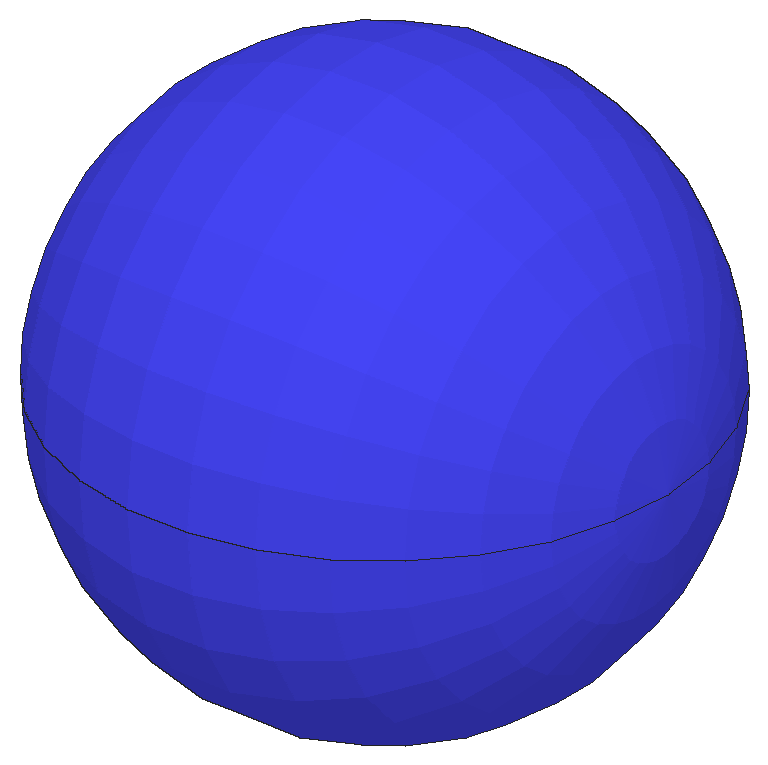
Revit family "COG_Marker", category Generic Models, Revit 2026
Family settings
  Can host rebar = No
  Round Connector Dimension = Use Diameter
  Part Type = Normal
  Work Plane-Based = No
  Always vertical = Yes
  Cut with Voids When Loaded = No
  Maintain Annotation Orientation = No
  Shared = No
  Room Calculation Point = No
Parameters
  Offset = 200 mm
  Default Elevation = 0 mm
Reference planes
  plane 1 "Center (Front/Back)": y = 0
  plane 2: z = 0
  plane 3 "Center (Left/Right)": x = 0
Forms (mm)
  Revolve 1, solid, material "Poche"
    sketch origin (0, 0, 0) x (1, 0, 0) y (0, 1, 0)
      loop
        line (-200, 0) -> (200, 0)
        arc (200, 0) -> (0, 200) -> (-200, 0) r 200
      axis (-200, 0) -> (200, 0)
    angle from 0 to 360
Lines and regions (mm)
  model lines
    curve 1: line (-1322.809, 200, 0) -> (1297.191, 200, 0)
Dimensions and locks
  "Offset": plane 1 "Center (Front/Back)" to curve 1
  "Offset": radius of Revolve 1 sketch curve
  aligned and locked: level to plane 2
Automatic sketch dimensions
  curve 1 to plane 3 "Center (Left/Right)" = 1322.809 mm
  plane 3 "Center (Left/Right)" to curve 1 = 1297.191 mm
  plane 1 "Center (Front/Back)" to Revolve 1 sketch curve = 0 mm  (x2)
  Revolve 1 sketch curve to plane 3 "Center (Left/Right)" = 0 mm
  Revolve 1 sketch curve to Revolve 1 sketch curve = 2.007 mm
  Revolve 1 sketch curve to Revolve 1 sketch curve = 4.036 mm
